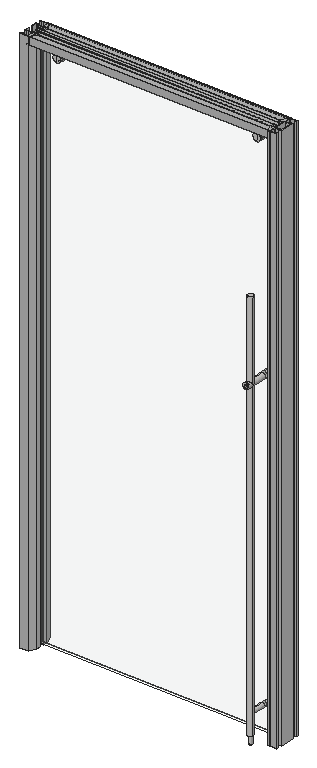
Revit family "Doors_Sliding_Avanti_Systems_Cloud-Eclipse-Sliding-Glass-Pocket-Doors_Dbl-Glazed", category Doors, Revit 2015 (continued)
Definition of nested family "Door-Frame-Top"
  Lines and regions (in)
    model lines, in view "Ref. Level"
      curve 15: line (-0.27284, -0.80556, 0) -> (-0.27284, -1.33289, 0)
      curve 16: line (0.09462, -2.30717, 0) -> (0.09462, -1.13036, 0)
      curve 17: line (0.09462, -1.01721, 0) -> (0.09462, -0.51089, 0)
      curve 18: line (-0.08847, -2.30717, 0) -> (-0.08847, -1.13036, 0)
      curve 19: line (-0.08847, -1.01721, 0) -> (-0.08847, -0.51089, 0)
      curve 20: arc (-1.89528, 0, 0) -> (-1.90942, -0.00586, 0) -> (-1.91528, -0.02, 0) r 0.02
      curve 21: arc (-0.91975, -0.02, 0) -> (-0.92561, -0.00586, 0) -> (-0.93975, 0, 0) r 0.02
      curve 22: arc (-0.93975, -1.08, 0) -> (-0.92561, -1.07414, 0) -> (-0.91975, -1.06, 0) r 0.02
      curve 23: arc (-0.98475, -0.07566, 0) -> (-0.99061, -0.06152, 0) -> (-1.00475, -0.05566, 0) r 0.02
      curve 24: arc (-1.83528, -0.05566, 0) -> (-1.84942, -0.06152, 0) -> (-1.85528, -0.07566, 0) r 0.02
      curve 25: arc (-1.91528, -0.56185, 0) -> (-1.90475, -0.57047, 0) -> (-1.89151, -0.57355, 0) r 0.03
      curve 26: arc (-1.91528, -0.56185, 0) -> (-1.90475, -0.57047, 0) -> (-1.89151, -0.57355, 0) r 0.03
      curve 27: arc (-1.83528, -0.05566, 0) -> (-1.84942, -0.06152, 0) -> (-1.85528, -0.07566, 0) r 0.02
      curve 28: arc (-1.86578, -1.08194, 0) -> (-1.85361, -1.0778, 0) -> (-1.84647, -1.06711, 0) r 0.02
      curve 29: arc (-1.99988, -1.06194, 0) -> (-1.99402, -1.07608, 0) -> (-1.97988, -1.08194, 0) r 0.02
      curve 30: arc (-1.97064, 0.00048, 0) -> (-1.98815, 0.00169, 0) -> (-1.99988, -0.01137, 0) r 0.02
      curve 31: arc (-1.92064, -0.03994, 0) -> (-1.92332, -0.02994, 0) -> (-1.93064, -0.02262, 0) r 0.02
      curve 32: arc (-1.92664, -0.05495, 0) -> (-1.92225, -0.05056, 0) -> (-1.92064, -0.04456, 0) r 0.012
      curve 33: arc (-1.82046, -0.72883, 0) -> (-1.81906, -0.72471, 0) -> (-1.81859, -0.72038, 0) r 0.02
      curve 34: arc (-1.84555, -0.44699, 0) -> (-1.84555, -0.45699, 0) -> (-1.83689, -0.46199, 0) r 0.01
      curve 35: arc (-1.79624, -0.37759, 0) -> (-1.80424, -0.37973, 0) -> (-1.8101, -0.38559, 0) r 0.016
      curve 36: arc (-1.77988, -0.38729, 0) -> (-1.78577, -0.38023, 0) -> (-1.79459, -0.37759, 0) r 0.016
      curve 37: arc (-1.91988, -0.62083, 0) -> (-1.93452, -0.63548, 0) -> (-1.93988, -0.65548, 0) r 0.04
      curve 38: arc (-0.91975, -0.02, 0) -> (-0.92561, -0.00586, 0) -> (-0.93975, 0, 0) r 0.02
      curve 39: arc (-0.91975, -0.02, 0) -> (-0.92561, -0.00586, 0) -> (-0.93975, 0, 0) r 0.02
      curve 40: arc (-1.93988, -0.72353, 0) -> (-1.93161, -0.74788, 0) -> (-1.91023, -0.76216, 0) r 0.04
      curve 41: arc (-1.12593, -0.79336, 0) -> (-1.13808, -0.80268, 0) -> (-1.14008, -0.81785, 0) r 0.02
      curve 42: arc (-1.0738, -1.06518, 0) -> (-1.06666, -1.07587, 0) -> (-1.05449, -1.08, 0) r 0.02
      curve 43: arc (-1.12593, -0.79336, 0) -> (-1.13808, -0.80268, 0) -> (-1.14008, -0.81785, 0) r 0.02
      curve 44: arc (-1.0144, -0.76347, 0) -> (-0.99302, -0.74918, 0) -> (-0.98475, -0.72483, 0) r 0.04
      curve 45: arc (0.24, -0.06, 0) -> (0.24586, -0.07414, 0) -> (0.26, -0.08, 0) r 0.02
      curve 46: arc (0.18, -0.08, 0) -> (0.17414, -0.06586, 0) -> (0.16, -0.06, 0) r 0.02
      curve 47: arc (-0.16, -0.06, 0) -> (-0.17414, -0.06586, 0) -> (-0.18, -0.08, 0) r 0.02
      curve 48: arc (1.91528, -0.02, 0) -> (1.90942, -0.00586, 0) -> (1.89528, 0, 0) r 0.02
      curve 49: arc (0.93975, 0, 0) -> (0.92561, -0.00586, 0) -> (0.91975, -0.02, 0) r 0.02
      curve 50: arc (0.91975, -0.16, 0) -> (0.91389, -0.14586, 0) -> (0.89975, -0.14, 0) r 0.02
      curve 51: arc (0.91975, -1.06, 0) -> (0.92561, -1.07414, 0) -> (0.93975, -1.08, 0) r 0.02
      curve 52: arc (1.00475, -0.05566, 0) -> (0.99061, -0.06152, 0) -> (0.98475, -0.07566, 0) r 0.02
      curve 53: arc (1.85528, -0.07566, 0) -> (1.84942, -0.06152, 0) -> (1.83528, -0.05566, 0) r 0.02
      curve 54: arc (1.89151, -0.57355, 0) -> (1.90475, -0.57047, 0) -> (1.91528, -0.56185, 0) r 0.03
      curve 55: arc (1.89151, -0.57355, 0) -> (1.90475, -0.57047, 0) -> (1.91528, -0.56185, 0) r 0.03
      curve 56: arc (1.85528, -0.07566, 0) -> (1.84942, -0.06152, 0) -> (1.83528, -0.05566, 0) r 0.02
      curve 57: arc (1.77988, -0.73201, 0) -> (1.78035, -0.73634, 0) -> (1.78175, -0.74046, 0) r 0.02
      curve 58: arc (1.84647, -1.06711, 0) -> (1.85361, -1.0778, 0) -> (1.86578, -1.08194, 0) r 0.02
      curve 59: arc (1.97988, -1.08194, 0) -> (1.99402, -1.07608, 0) -> (1.99988, -1.06194, 0) r 0.02
      curve 60: arc (1.99988, -0.01241, 0) -> (1.98815, 0.00065, 0) -> (1.97064, -0.00056, 0) r 0.02
      curve 61: arc (1.93064, -0.02366, 0) -> (1.92332, -0.03098, 0) -> (1.92064, -0.04098, 0) r 0.02
      curve 62: arc (1.92064, -0.04559, 0) -> (1.92225, -0.05159, 0) -> (1.92664, -0.05599, 0) r 0.012
      curve 63: arc (1.81859, -0.72038, 0) -> (1.81906, -0.72471, 0) -> (1.82046, -0.72883, 0) r 0.02
      curve 64: arc (1.83689, -0.46199, 0) -> (1.84555, -0.45699, 0) -> (1.84555, -0.44699, 0) r 0.01
      curve 65: arc (1.8101, -0.38559, 0) -> (1.80424, -0.37973, 0) -> (1.79624, -0.37759, 0) r 0.016
      curve 66: arc (1.79459, -0.37759, 0) -> (1.78577, -0.38023, 0) -> (1.77988, -0.38729, 0) r 0.016
      curve 67: arc (1.93988, -0.65548, 0) -> (1.93452, -0.63548, 0) -> (1.91988, -0.62083, 0) r 0.04
      curve 68: arc (0.93975, 0, 0) -> (0.92561, -0.00586, 0) -> (0.91975, -0.02, 0) r 0.02
      curve 69: arc (0.93975, 0, 0) -> (0.92561, -0.00586, 0) -> (0.91975, -0.02, 0) r 0.02
      curve 70: arc (1.91023, -0.76216, 0) -> (1.93161, -0.74788, 0) -> (1.93988, -0.72353, 0) r 0.04
      curve 71: arc (1.14008, -0.81785, 0) -> (1.13808, -0.80268, 0) -> (1.12593, -0.79336, 0) r 0.02
      curve 72: arc (1.05449, -1.08, 0) -> (1.06666, -1.07587, 0) -> (1.0738, -1.06518, 0) r 0.02
      curve 73: arc (-0.91975, -0.06, 0) -> (-0.91389, -0.07414, 0) -> (-0.89975, -0.08, 0) r 0.02
      curve 74: arc (-0.89975, -0.14, 0) -> (-0.91389, -0.14586, 0) -> (-0.91975, -0.16, 0) r 0.02
      curve 75: arc (1.14008, -0.81785, 0) -> (1.13808, -0.80268, 0) -> (1.12593, -0.79336, 0) r 0.02
      curve 76: arc (0.98475, -0.72483, 0) -> (0.99302, -0.74918, 0) -> (1.0144, -0.76347, 0) r 0.04
      curve 77: arc (-0.26, -0.08, 0) -> (-0.24586, -0.07414, 0) -> (-0.24, -0.06, 0) r 0.02
      curve 78: arc (0.89975, -0.08, 0) -> (0.91389, -0.07414, 0) -> (0.91975, -0.06, 0) r 0.02
      curve 79: arc (-1.77988, -0.8186, 0) -> (-1.78058, -0.80611, 0) -> (-1.78855, -0.79649, 0) r 0.02
      curve 80: arc (-1.77988, -0.8186, 0) -> (-1.78058, -0.80611, 0) -> (-1.78855, -0.79649, 0) r 0.02
      curve 81: arc (-1.79604, -0.7711, 0) -> (-1.79709, -0.78521, 0) -> (-1.78855, -0.79649, 0) r 0.02
      curve 82: arc (-1.78175, -0.74046, 0) -> (-1.78035, -0.73634, 0) -> (-1.77988, -0.73201, 0) r 0.02
      curve 83: arc (-1.86079, -0.77621, 0) -> (-1.84716, -0.77502, 0) -> (-1.83749, -0.76534, 0) r 0.02
      curve 84: arc (1.81859, -0.72038, 0) -> (1.81906, -0.72471, 0) -> (1.82046, -0.72883, 0) r 0.02
      curve 85: arc (1.78855, -0.79649, 0) -> (1.78058, -0.80611, 0) -> (1.77988, -0.8186, 0) r 0.02
      curve 86: arc (1.78855, -0.79649, 0) -> (1.79709, -0.78521, 0) -> (1.79604, -0.7711, 0) r 0.02
      curve 87: arc (1.77988, -0.73201, 0) -> (1.78035, -0.73634, 0) -> (1.78175, -0.74046, 0) r 0.02
      curve 88: arc (1.83749, -0.76534, 0) -> (1.84716, -0.77502, 0) -> (1.86079, -0.77621, 0) r 0.02
      curve 89: arc (-0.91975, -0.8078, 0) -> (-0.94732, -0.8353, 0) -> (-0.91975, -0.86279, 0) r 0.0275
      curve 90: arc (-0.90814, -0.8078, 0) -> (-0.88966, -0.79544, 0) -> (-0.89402, -0.77364, 0) r 0.02
      curve 91: arc (0.91975, -0.86279, 0) -> (0.94732, -0.8353, 0) -> (0.91975, -0.8078, 0) r 0.0275
      curve 92: arc (0.91975, -1.06, 0) -> (0.92561, -1.07414, 0) -> (0.93975, -1.08, 0) r 0.02
      curve 93: arc (0.89402, -0.77364, 0) -> (0.88966, -0.79544, 0) -> (0.90814, -0.8078, 0) r 0.02
      curve 94: line (-1.91528, -0.0578, 0) -> (-1.91528, -0.01566, 0)
      curve 95: line (-1.91528, -0.01566, 0) -> (-1.91528, -0.05594, 0)
      curve 96: line (-1.91528, -0.05594, 0) -> (-1.91528, -0.56185, 0)
      curve 97: line (-1.91528, -0.56185, 0) -> (-1.91528, -0.05058, 0)
      curve 98: line (-1.91528, -0.05058, 0) -> (-1.92064, -0.03994, 0)
      curve 99: line (-0.91975, -0.02, 0) -> (-0.91975, -0.06, 0)
      curve 100: line (-0.91975, -0.16, 0) -> (-0.91975, -0.74798, 0)
      curve 101: line (-0.91975, -0.74798, 0) -> (-0.89402, -0.77364, 0)
      curve 102: line (-0.91975, -0.86279, 0) -> (-0.91975, -1.06, 0)
      curve 103: line (-0.98475, -0.72483, 0) -> (-0.98475, -0.33131, 0)
      curve 104: line (-0.98475, -0.36635, 0) -> (-0.98475, -0.07566, 0)
      curve 105: line (-1.00475, -0.05566, 0) -> (-1.39909, -0.05566, 0)
      curve 106: line (-1.39909, -0.05566, 0) -> (-1.41728, -0.03748, 0)
      curve 107: line (-1.41728, -0.03748, 0) -> (-1.43546, -0.05566, 0)
      curve 108: line (-1.43546, -0.05566, 0) -> (-1.71506, -0.05566, 0)
      curve 109: line (-1.70228, -0.05566, 0) -> (-1.83528, -0.05566, 0)
      curve 110: line (-1.85528, -0.45187, 0) -> (-1.82719, -0.47996, 0)
      curve 111: line (-1.82719, -0.47996, 0) -> (-1.85528, -0.52862, 0)
      curve 112: line (-1.85528, -0.53966, 0) -> (-1.85528, -0.56766, 0)
      curve 113: line (-1.85528, -0.56766, 0) -> (-1.89151, -0.57355, 0)
      curve 114: line (-1.89151, -0.57355, 0) -> (-1.8559, -0.57355, 0)
      curve 115: line (-1.8559, -0.57355, 0) -> (-1.85528, -0.52862, 0)
      curve 116: line (-1.85528, -0.52862, 0) -> (-1.82719, -0.47996, 0)
      curve 117: line (-1.82719, -0.47996, 0) -> (-1.85528, -0.45187, 0)
      curve 118: line (-1.85528, -0.45187, 0) -> (-1.85528, -0.07566, 0)
      curve 119: line (-1.85528, -0.07566, 0) -> (-1.85528, -0.42116, 0)
      curve 120: line (-1.43546, -0.05566, 0) -> (-1.41728, -0.03748, 0)
      curve 121: line (-1.41728, -0.03748, 0) -> (-1.39909, -0.05566, 0)
      curve 122: line (-1.77988, -0.38729, 0) -> (-1.77988, -0.73201, 0)
      curve 123: line (-1.86578, -1.08194, 0) -> (-1.97988, -1.08194, 0)
      curve 124: line (-1.97064, 0.00048, 0) -> (-1.93064, -0.02262, 0)
      curve 125: line (-1.92664, -0.05495, 0) -> (-1.93988, -0.06259, 0)
      curve 126: line (-1.93988, -0.06259, 0) -> (-1.93988, -0.46603, 0)
      curve 127: line (-1.93988, -0.46603, 0) -> (-1.91988, -0.50068, 0)
      curve 128: line (-1.91988, -0.50068, 0) -> (-1.91988, -0.62083, 0)
      curve 129: line (-1.81859, -0.72038, 0) -> (-1.81859, -0.46557, 0)
      curve 130: line (-1.81859, -0.46557, 0) -> (-1.83689, -0.46199, 0)
      curve 131: line (-1.84555, -0.44699, 0) -> (-1.8101, -0.38559, 0)
      curve 132: line (-1.93988, -0.65548, 0) -> (-1.93988, -0.72353, 0)
      curve 133: line (-1.99988, -1.06194, 0) -> (-1.99988, -0.01137, 0)
      curve 134: line (-1.77988, -0.8186, 0) -> (-1.8056, -0.91458, 0)
      curve 135: line (-1.8056, -0.91458, 0) -> (-1.84607, -0.90359, 0)
      curve 136: line (-1.84607, -0.90359, 0) -> (-1.83054, -0.84563, 0)
      curve 137: line (-1.83054, -0.84563, 0) -> (-1.89043, -0.82959, 0)
      curve 138: line (-1.89043, -0.82959, 0) -> (-1.94737, -1.04209, 0)
      curve 139: line (-1.94737, -1.04209, 0) -> (-1.88748, -1.05814, 0)
      curve 140: line (-1.88748, -1.05814, 0) -> (-1.87195, -1.00018, 0)
      curve 141: line (-1.87195, -1.00018, 0) -> (-1.83144, -1.01104, 0)
      curve 142: line (-1.83144, -1.01104, 0) -> (-1.84647, -1.06711, 0)
      curve 143: line (-1.14008, -0.81785, 0) -> (-1.11416, -0.91458, 0)
      curve 144: line (-1.11416, -0.91458, 0) -> (-1.07368, -0.90359, 0)
      curve 145: line (-1.07368, -0.90359, 0) -> (-1.08921, -0.84563, 0)
      curve 146: line (-1.08921, -0.84563, 0) -> (-1.02933, -0.82959, 0)
      curve 147: line (-1.02933, -0.82959, 0) -> (-0.97239, -1.04209, 0)
      curve 148: line (-0.97239, -1.04209, 0) -> (-1.03227, -1.05814, 0)
      curve 149: line (-1.03227, -1.05814, 0) -> (-1.0478, -1.00018, 0)
      curve 150: line (-1.0478, -1.00018, 0) -> (-1.08831, -1.01104, 0)
      curve 151: line (-1.08831, -1.01104, 0) -> (-1.0738, -1.06518, 0)
      curve 152: line (-1.0144, -0.76347, 0) -> (-1.12593, -0.79336, 0)
      curve 153: line (-0.93975, -1.08, 0) -> (-1.05449, -1.08, 0)
      curve 154: line (-0.93975, 0, 0) -> (-1.89528, 0, 0)
      curve 155: line (0.89975, -0.14, 0) -> (0.18, -0.14, 0)
      curve 156: line (0.18, -0.14, 0) -> (0.18, -0.08, 0)
      curve 157: line (-0.24, -0.06, 0) -> (-0.24, 0, 0)
      curve 158: line (-0.24, 0, 0) -> (0.24, 0, 0)
      curve 159: line (0.24, 0, 0) -> (0.24, -0.06, 0)
      curve 160: line (-0.89975, -0.14, 0) -> (-0.18, -0.14, 0)
      curve 161: line (-0.18, -0.14, 0) -> (-0.18, -0.08, 0)
      curve 162: line (1.91528, -0.05884, 0) -> (1.91528, -0.01566, 0)
      curve 163: line (1.91528, -0.01566, 0) -> (1.91528, -0.05697, 0)
      curve 164: line (1.91528, -0.05697, 0) -> (1.91528, -0.56185, 0)
      curve 165: line (1.91528, -0.56185, 0) -> (1.91528, -0.05162, 0)
      curve 166: line (1.91528, -0.05162, 0) -> (1.92064, -0.04098, 0)
      curve 167: line (0.91975, -0.02, 0) -> (0.91975, -0.06, 0)
      curve 168: line (0.91975, -0.16, 0) -> (0.91975, -0.74798, 0)
      curve 169: line (0.91975, -0.74798, 0) -> (0.89402, -0.77364, 0)
      curve 170: line (0.91975, -1.06, 0) -> (0.91975, -0.86279, 0)
      curve 171: line (0.91975, -0.86279, 0) -> (0.91975, -1.06, 0)
      curve 172: line (0.98475, -0.72483, 0) -> (0.98475, -0.33131, 0)
      curve 173: line (0.98475, -0.36635, 0) -> (0.98475, -0.07566, 0)
      curve 174: line (1.00475, -0.05566, 0) -> (1.39909, -0.05566, 0)
      curve 175: line (1.39909, -0.05566, 0) -> (1.41728, -0.03748, 0)
      curve 176: line (1.41728, -0.03748, 0) -> (1.43546, -0.05566, 0)
      curve 177: line (1.43546, -0.05566, 0) -> (1.71506, -0.05566, 0)
      curve 178: line (1.93988, -0.65548, 0) -> (1.93988, -0.72353, 0)
      curve 179: line (1.70228, -0.05566, 0) -> (1.83528, -0.05566, 0)
      curve 180: line (1.85528, -0.45187, 0) -> (1.82719, -0.47996, 0)
      curve 181: line (1.82719, -0.47996, 0) -> (1.85528, -0.52862, 0)
      curve 182: line (1.85528, -0.53966, 0) -> (1.85528, -0.56766, 0)
      curve 183: line (1.85528, -0.56766, 0) -> (1.89151, -0.57355, 0)
      curve 184: line (1.89151, -0.57355, 0) -> (1.8559, -0.57355, 0)
      curve 185: line (1.8559, -0.57355, 0) -> (1.85528, -0.52862, 0)
      curve 186: line (1.85528, -0.52862, 0) -> (1.82719, -0.47996, 0)
      curve 187: line (1.82719, -0.47996, 0) -> (1.85528, -0.45187, 0)
      curve 188: line (1.85528, -0.45187, 0) -> (1.85528, -0.07566, 0)
      curve 189: line (1.85528, -0.07566, 0) -> (1.85528, -0.42116, 0)
      curve 190: line (1.43546, -0.05566, 0) -> (1.41728, -0.03748, 0)
      curve 191: line (1.41728, -0.03748, 0) -> (1.39909, -0.05566, 0)
      curve 192: line (1.77988, -0.38729, 0) -> (1.77988, -0.73201, 0)
      curve 193: line (1.86578, -1.08194, 0) -> (1.97988, -1.08194, 0)
      curve 194: line (1.97064, -0.00056, 0) -> (1.93064, -0.02366, 0)
      curve 195: line (1.92664, -0.05599, 0) -> (1.93988, -0.06363, 0)
      curve 196: line (1.93988, -0.06363, 0) -> (1.93988, -0.46603, 0)
      curve 197: line (1.93988, -0.46603, 0) -> (1.91988, -0.50068, 0)
      curve 198: line (1.91988, -0.50068, 0) -> (1.91988, -0.62083, 0)
      curve 199: line (1.81859, -0.72038, 0) -> (1.81859, -0.46557, 0)
      curve 200: line (1.81859, -0.46557, 0) -> (1.83689, -0.46199, 0)
      curve 201: line (1.84555, -0.44699, 0) -> (1.8101, -0.38559, 0)
      curve 202: line (1.99988, -1.06194, 0) -> (1.99988, -0.01241, 0)
      curve 203: line (1.77988, -0.8186, 0) -> (1.8056, -0.91458, 0)
      curve 204: line (1.8056, -0.91458, 0) -> (1.84607, -0.90359, 0)
      curve 205: line (1.84607, -0.90359, 0) -> (1.83054, -0.84563, 0)
      curve 206: line (1.83054, -0.84563, 0) -> (1.89043, -0.82959, 0)
      curve 207: line (1.89043, -0.82959, 0) -> (1.94737, -1.04209, 0)
      curve 208: line (1.94737, -1.04209, 0) -> (1.88748, -1.05814, 0)
      curve 209: line (1.88748, -1.05814, 0) -> (1.87195, -1.00018, 0)
      curve 210: line (1.87195, -1.00018, 0) -> (1.83144, -1.01104, 0)
      curve 211: line (1.83144, -1.01104, 0) -> (1.84647, -1.06711, 0)
      curve 212: line (1.91023, -0.76216, 0) -> (1.85528, -0.77689, 0)
      curve 213: line (1.14008, -0.81785, 0) -> (1.11416, -0.91458, 0)
      curve 214: line (1.0738, -1.06518, 0) -> (1.08831, -1.01104, 0)
      curve 215: line (1.08831, -1.01104, 0) -> (1.0478, -1.00018, 0)
      curve 216: line (1.0478, -1.00018, 0) -> (1.03227, -1.05814, 0)
      curve 217: line (1.03227, -1.05814, 0) -> (0.97239, -1.04209, 0)
      curve 218: line (0.97239, -1.04209, 0) -> (1.02933, -0.82959, 0)
      curve 219: line (1.02933, -0.82959, 0) -> (1.08921, -0.84563, 0)
      curve 220: line (1.08921, -0.84563, 0) -> (1.07368, -0.90359, 0)
      curve 221: line (1.07368, -0.90359, 0) -> (1.11416, -0.91458, 0)
      curve 222: line (1.0144, -0.76347, 0) -> (1.12593, -0.79336, 0)
      curve 223: line (0.93975, -1.08, 0) -> (1.05449, -1.08, 0)
      curve 224: line (0.93975, 0, 0) -> (1.89528, 0, 0)
      curve 225: line (-0.89975, -0.08, 0) -> (-0.26, -0.08, 0)
      curve 226: line (0.26, -0.08, 0) -> (0.89975, -0.08, 0)
      curve 227: line (-0.16, -0.06, 0) -> (0.16, -0.06, 0)
      curve 228: line (-1.91023, -0.76216, 0) -> (-1.86079, -0.77621, 0)
      curve 229: line (-1.79604, -0.7711, 0) -> (-1.78175, -0.74046, 0)
      curve 230: line (-1.83749, -0.76534, 0) -> (-1.82046, -0.72883, 0)
      curve 231: line (1.79604, -0.7711, 0) -> (1.78175, -0.74046, 0)
      curve 232: line (1.83749, -0.76534, 0) -> (1.82046, -0.72883, 0)
      curve 233: line (-0.91975, -0.8078, 0) -> (-0.90814, -0.8078, 0)
      curve 234: line (0.91975, -0.8078, 0) -> (0.90814, -0.8078, 0)
      curve 235: line (0.09462, -1.63501, 0) -> (0.24634, -1.63501, 0)
      curve 236: line (0.24634, -1.63501, 0) -> (0.24634, -1.33289, 0)
      curve 237: line (0.24634, -1.33289, 0) -> (0.24634, -0.80556, 0)
      curve 238: line (0.24634, -0.80556, 0) -> (0.24634, -0.51089, 0)
      curve 239: line (0.24634, -0.51089, 0) -> (-0.22962, -0.51089, 0)
      curve 240: line (-0.22962, -0.51089, 0) -> (-0.22962, -0.80556, 0)
      curve 241: line (-0.22962, -0.80556, 0) -> (-0.22962, -1.63501, 0)
      curve 242: line (-0.22962, -1.63501, 0) -> (-0.08847, -1.63501, 0)
      curve 243: line (-0.22962, -1.01721, 0) -> (0.24634, -1.01721, 0)
      curve 244: line (-0.22962, -1.13036, 0) -> (0.24634, -1.13036, 0)
      curve 245: line (0.68388, -1.73293, 0) -> (0.29425, -1.73293, 0)
      curve 246: line (0.29425, -1.73293, 0) -> (0.29425, -1.59235, 0)
      curve 247: line (0.29425, -1.59235, 0) -> (0.51624, -1.52897, 0)
      curve 248: line (0.57361, -1.51068, 0) -> (0.57361, -0.47718, 0)
      curve 249: line (0.57361, -0.47718, 0) -> (0.30224, -0.39096, 0)
      curve 250: line (0.30224, -0.39096, 0) -> (0.30224, -0.28936, 0)
      curve 251: line (0.30224, -0.28936, 0) -> (-0.27007, -0.28936, 0)
      curve 252: line (-0.27007, -0.28936, 0) -> (-0.27007, -0.39096, 0)
      curve 253: line (-0.27007, -0.39096, 0) -> (-0.54394, -0.47718, 0)
      curve 254: line (-0.54394, -0.47718, 0) -> (-0.54394, -1.51068, 0)
      curve 255: line (-0.54394, -1.51068, 0) -> (-0.29227, -1.59235, 0)
      curve 256: line (-0.29227, -1.59235, 0) -> (-0.29227, -1.73293, 0)
      curve 257: line (-0.29227, -1.73293, 0) -> (-0.66511, -1.73293, 0)
      curve 258: line (-0.66511, -1.73293, 0) -> (-0.66511, -0.15813, 0)
      curve 259: line (-0.66511, -0.15813, 0) -> (0.69489, -0.15813, 0)
      curve 260: line (0.69489, -0.15813, 0) -> (0.69489, -1.73293, 0)
      curve 261: line (-0.20447, -2.30717, 0) -> (0.20447, -2.30717, 0)
      curve 262: line (-0.20447, -3.06561, 0) -> (0.20447, -3.06561, 0)
    detail lines, in view "Ref. Level"
      curve 263: line (-0.20447, -3.25445, 0) -> (-0.28557, -3.25445, 0)
      curve 264: line (-0.28557, -3.25445, 0) -> (-0.28557, -2.06883, 0)
      curve 265: line (-0.28557, -2.06883, 0) -> (-0.20447, -2.06883, 0)
      curve 266: line (-0.20447, -2.06883, 0) -> (-0.20447, -3.25445, 0)
      curve 267: line (0.28557, -3.25445, 0) -> (0.28557, -2.06883, 0)
      curve 268: line (0.28557, -2.06883, 0) -> (0.20447, -2.06883, 0)
      curve 269: line (0.20447, -2.06883, 0) -> (0.20447, -3.25866, 0)
      curve 270: line (0.20447, -3.25866, 0) -> (0.28557, -3.25445, 0)
    detail lines, in view "Ref. Level", not visible
      curve 271: line (-0.20026, -3.25445, 0) -> (-0.28135, -3.25445, 0)
      curve 272: line (-0.28135, -3.25445, 0) -> (-0.28135, -2.06883, 0)
      curve 273: line (-0.28135, -2.06883, 0) -> (-0.20026, -2.06883, 0)
      curve 274: line (-0.20026, -2.06883, 0) -> (-0.20026, -3.25445, 0)
      curve 275: line (0.28557, -3.25445, 0) -> (0.28557, -2.06883, 0)
      curve 276: line (0.28557, -2.06883, 0) -> (0.20447, -2.06883, 0)
      curve 277: line (0.20447, -2.06883, 0) -> (0.20447, -3.25866, 0)
      curve 278: line (0.20447, -3.25866, 0) -> (0.28557, -3.25445, 0)
Definition of nested family "Arrow"
  Reference planes (in)
    plane 1 "Center (Front/Back)": y = 0
    plane 2: z = 0
    plane 3 "Center (Left/Right)": x = 0
  Lines and regions (in)
    detail lines, in view "Ref. Level"
      curve 1: line (-2.57725, 1.35976, 0) -> (-3.93701, 0, 0)
      curve 2: line (-3.93701, 0, 0) -> (3.93701, 0, 0)
      curve 3: line (-2.57725, -1.35976, 0) -> (-3.93701, 0, 0)
